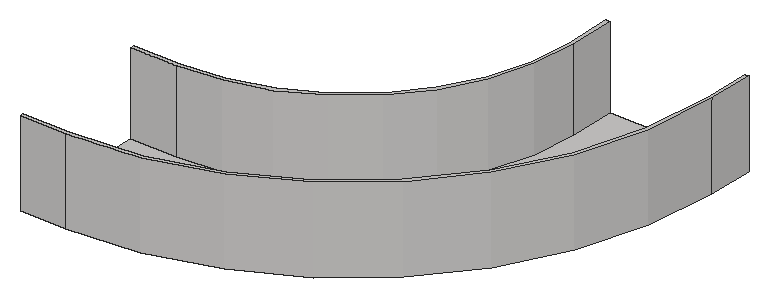
Revit family "Cable_Tray_Fitting-Ventilated_Tray-OBO_Bettermann-Channel_Horizontal_Bend-MKS_Magic", category Cable Tray Fittings, Revit 2012
Parameters (values of type "Hot Dipped Galvanised")
  URL = "http://www.obo-bettermann.com/"
  Type Comments = ""
  Tray Width [instance] = 100 mm
  Tray Height [instance] = 60 mm
  Tray Length [instance] = 31.75 mm
  built-in parameter 1140111 [instance] = 0.0084635 (stored number, unit not read)
  Product Page URL = "http://catalog2.obo-bettermann.com/catalogue/catalogue.do?favOid=kts_315277&act=showIO&lang=en&action=start&catId=KTS&forward=showSolutionView"
  Product Documentation Link = ""
  Pre Galvanized = no
  Model = "MKS-Magic"
  Manufacturer = "OBO Bettermann"
  Description = "Ventilated Cable Tray"
  Connector Description 2 = "Connector for Cable Tray 2"  # constant formula
  Connector Description = "Connector for Cable Tray 1"  # constant formula
  Classification = "Refer to online Catalog for UL and cUL classifed sizes and wire sizes."
  Center to End [instance] = Bend Radius Label * tan(Angle / 2) + Tray Length  # 234.15 mm
  Cable Tray Material = Metal - OBO Bettermann - Hot-Dipped-Galvanised
  Bend Radius Label [instance] = if(Bend Radius_x > 3.175 mm, Bend Radius_x + Tray Width / 2, Tray Width / 2 + 3.175 mm)  # 202.4 mm
  Bend Radius_x [instance] = 152.4 mm
  Assembly Code = "D5030600"
  Angle [instance] = 90.00°
Types (2, lengths in mm): name | Cable Tray Material
  Hot Dipped Galvanised | Metal - OBO Bettermann - Hot-Dipped-Galvanised
  Stripped Galvanised | Metal - OBO Bettermann - Strip-Galvanised
Reference planes
  plane 1 "Center (Front/Back)": y = 0
  plane 2: z = 0
  plane 3 "Center (Left/Right)": x = 0
  plane 4: y = 202.4
  plane 5: x = -234.15
  plane 6: x = -202.4
Forms (mm)
  Sweep 1, solid, material "Metal - OBO Bettermann - Hot-Dipped-Galvanised" <- "Cable Tray Material", detail levels medium
    path in 3D
      loop
        line (-234.15, 0, 0) -> (-202.4, 0, 0)
        arc (-202.4, 0, 0) -> (-59.282, 59.282, 0) -> (0, 202.4, 0) r 202.4
        line (0, 202.4, 0) -> (0, 234.15, 0)
    profile "Cable Tray - Channel 2 : Channel" origin (-218.275, 0, 0) x (0, 1, 0) y (0, 0, 1)
      loop
        line (-50, 30) -> (-50, -30) -> (50, -30) -> (50, 30) -> (-50, 30)
  Sweep 2, solid, material "Metal - OBO Bettermann - Hot-Dipped-Galvanised" <- "Cable Tray Material", detail levels fine
    path in 3D
      loop
        line (-234.15, 0, 0) -> (-202.4, 0, 0)
        arc (-202.4, 0, 0) -> (-59.282, 59.282, 0) -> (0, 202.4, 0) r 202.4
        line (0, 202.4, 0) -> (0, 234.15, 0)
    profile "Cable Tray - Channel 1 : Channel" origin (-218.275, 0, 0) x (0, 1, 0) y (0, 0, 1)
      loop
        line (-50, 30) -> (-50, -30) -> (50, -30) -> (50, 30) -> (47.42, 30) -> (47.42, -27.42) -> (-47.42, -27.42) -> (-47.42, 30) -> (-50, 30)
Lines and regions (mm)
  model lines, style "Coarse View", detail levels coarse
    curve 1: arc (-202.4, 0, 0) -> (-59.282, 59.282, 0) -> (0, 202.4, 0) r 202.4
    curve 2: line (-234.15, 0, 0) -> (-202.4, 0, 0)
    curve 3: line (0, 202.4, 0) -> (0, 234.15, 0)
  sketch lines
    curve 4: line (-234.15, 0, 0) -> (-202.4, 0, 0)
    curve 5: arc (-202.4, 0, 0) -> (-59.282, 59.282, 0) -> (0, 202.4, 0) r 202.4
    curve 6: line (0, 202.4, 0) -> (0, 234.15, 0)
    curve 7: line (-234.15, 0, 0) -> (-202.4, 0, 0)
    curve 8: arc (-202.4, 0, 0) -> (-59.282, 59.282, 0) -> (0, 202.4, 0) r 202.4
    curve 9: line (0, 202.4, 0) -> (0, 234.15, 0)
Dimensions and locks
  "Bend Radius Label": plane 4 to plane 1 "Center (Front/Back)"
  "Center to End": plane 5 to plane 3 "Center (Left/Right)"
  "Tray Length": plane 5 to plane 6
  "Tray Length": curve 3 to curve 3
  "Bend Radius Label": radius of curve 1
  "Angle": angle curve 1 to curve 1
  "Angle": angle plane 1 "Center (Front/Back)" to curve 3
  aligned and locked: plane 6 to curve 1
  aligned and locked: plane 4 to curve 1
  aligned and locked: plane 5 to curve 2
  aligned and locked: plane 6 to curve 2
  aligned and locked: plane 1 "Center (Front/Back)" to curve 2
Connectors
  cabletrayconduit at (-234.15, 0, 0), driven by "Tray Height", driven by "Tray Width", driven by "Angle", driven by "Connector Description"
    settings: on Sweep 1, index 1, connector width 100 mm, connector height 60 mm, connector radius 304.8 mm, connector angle 90.00°, system type 32, placement type 0, profile type 1, connector reference index 2, is primary connector yes, connector utility param no, connector description "Connector for Cable Tray 1"
  cabletrayconduit at (0, 234.15, 0), driven by "Tray Height", driven by "Tray Width", driven by "Angle", driven by "Connector Description 2"
    settings: on Sweep 1, index 2, connector width 100 mm, connector height 60 mm, connector radius 304.8 mm, connector angle 90.00°, system type 32, placement type 0, profile type 1, connector reference index 1, is primary connector no, connector utility param no, connector description "Connector for Cable Tray 2"
